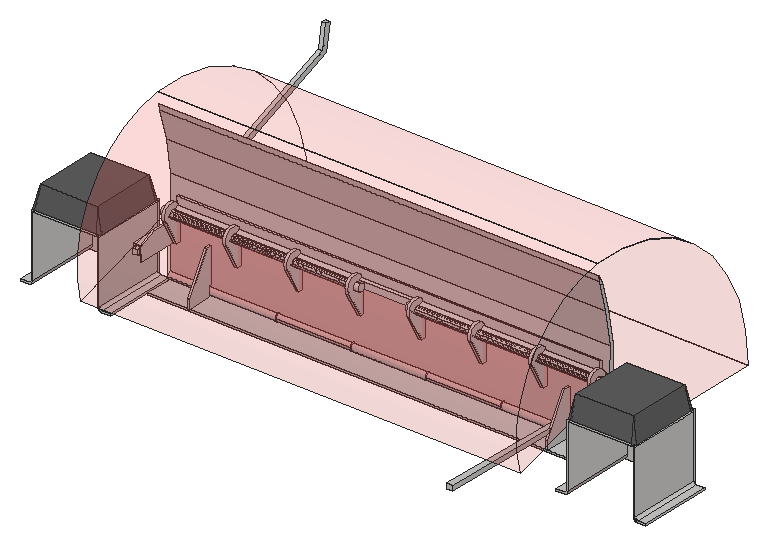
Revit family "Loading-Equipment_Dock-levellers_Overhead-Door_Edge-dock-leveler", category Specialty Equipment, host Face, Revit 2026
Family settings
  Host = Face
  Round Connector Dimension = Use Diameter
  Part Type = Normal
  Classification Number = 23.50.70.14.14
  Enable Cutting in Views = No
  Cut with Voids When Loaded = No
  Maintain Annotation Orientation = No
  Shared = No
  Room Calculation Point = No
Parameters (values of type "E78R")
  Width = 6' - 6"
  URL = "https://www.overheaddoor.com/"
  Top Plate Material = Metal - Overhead Door - Steel Checker Plate
  Shaft Angle Real [instance] = if(Shaft Angle < 0.00°, 0.00°, if(Shaft Angle > 90.00°, 90.00°, Shaft Angle))  # 0.00°
  Shaft Angle [instance] = 0.00°
  Product data url = "https://www.bimobject.com/en/overhead-door/product/edge-of-dock-leveler"
  Product Page URL = "https://www.overheaddoor.com/edge-of-dock-leveler"
  Product Guid = ""
  Pole Visibility [instance] = yes
  Mount Type [instance] = if(Mount < 2, "Embed", if(Mount = 2, "Formed angle", if(Mount = 3, "Face", "Transition plate")))  # "Face"
  Mount [instance] = 3  # constant formula
  Model = "Edge Dock E78R"
  Manufacturer = "Overhead Door Corporation"  # constant formula
  Main Material = Metal - Overhead Door - Steel
  Lip Type [instance] = if(Lip < 2, "15in (box projection 16in)", "17in (box projection 18in)")  # "15in (box projection 16in)"
  Lip Angle [instance] = 0.00°
  Lip [instance] = 1
  Description = "The Overhead Door™­ Edge of Dock Leveler provides smooth, safe path for loading docks and trailers."  # constant formula
  Default Elevation = 4' - 0"
  Clearance [instance] = yes
  Capacity Type [instance] = if(Capacity < 2, "20k", if(Capacity = 2, "25k", "30k"))  # "20k"
  Capacity [instance] = 1
  C-chanel vis [instance] = if(Mount < 2, 1 < 2, 1 > 2)  # no
Types (4): name | Width | Model
  (no name) | 6' - 6" | "Edge Dock E78R"
  E66R | 5' - 6" | "Edge Dock E66R"
  E72R | 6' - 0" | "Edge Dock E72R"
  E78R | 6' - 6" | "Edge Dock E78R"
Reference planes (in)
  plane 1 "Center (Front/Back)": y = 0
  plane 2: z = 0
  plane 3 "Center (Left/Right)": x = 0
  plane 4: x = -39
  plane 5: x = 39
  plane 6: x = -47.50001
  plane 7: x = 47.5
  plane 8: x = 55.50001
  plane 9: x = -55.5
  plane 10: x = -32
  plane 11: x = 32
  plane 12: x = -33.25
  plane 13: x = -19.95
  plane 14: x = -6.65
  plane 15: x = 6.65
  plane 16: x = 19.95
  plane 17: x = 33.25
  plane 18: z = 0.9375
  plane 19: y = -0.375
Forms (in)
  Extrusion 1, solid, material "Metal - Overhead Door - Steel" <- "Main Material", visible <- "C-chanel vis"
    sketch origin (0, 0, 0) x (0, 1, 0) y (0, 0, 1)
      loop
        line (0, 0) -> (-8.01385, 0) -> (-8.01385, -1.5)
        arc (-8.01385, -1.5) -> (-7.90361, -1.48024) -> (-7.84326, -1.38589) r 0.13978
        line (-7.84326, -1.38589) -> (-7.68903, -0.41067)
        arc (-7.68903, -0.41067) -> (-7.62464, -0.29564) -> (-7.50095, -0.25) r 0.19042
        line (-7.50095, -0.25) -> (-0.5129, -0.25)
        arc (-0.5129, -0.25) -> (-0.38922, -0.29564) -> (-0.32482, -0.41067) r 0.19042
        line (-0.32482, -0.41067) -> (-0.17059, -1.38589)
        arc (-0.17059, -1.38589) -> (-0.11024, -1.48024) -> (0, -1.5) r 0.13978
        line (0, -1.5) -> (0, 0)
    from -55.5 to 55.50001
  Extrusion 2, solid, material "Metal - Overhead Door - Steel" <- "Main Material"
    sketch origin (0, 0, 0) x (0, 1, 0) y (0, 0, 1)
      loop
        line (-0.25, 0.3125) -> (-5.5, 0.3125) -> (-5.5, 0) -> (-0.25, 0) -> (-0.25, 0.3125)
    from -39 to 39
  Extrusion 3, solid, material "Metal - Overhead Door - Steel" <- "Main Material"
    sketch origin (0, 0, 0) x (0, 1, 0) y (0, 0, 1)
      loop
        line (-0.75, 8.3125) -> (-1.75, 8.3125) -> (-5.5, 1.8125) -> (-5.5, 0.3125) -> (-1.125, 0.3125) -> (-1.125, 1.93734) -> (-1, 2.15401) -> (-0.75, 2.1875) -> (-0.75, 8.3125)
    from -32 to -31.625
  Extrusion 4, solid, material "Metal - Overhead Door - Steel" <- "Main Material"
    sketch origin (0, 0, 0) x (0, 1, 0) y (0, 0, -1)
      loop
        line (-0.75, -8.3125) -> (-0.75, -2.1875) -> (-1, -2.15401) -> (-1.125, -1.93734) -> (-1.125, -0.3125) -> (-5.5, -0.3125) -> (-5.5, -1.8125) -> (-1.75, -8.3125) -> (-0.75, -8.3125)
    from -32 to -31.625
  Extrusion 5, solid, material "Metal - Overhead Door - Steel" <- "Main Material"
    sketch origin (0, 0, 0) x (0, 1, 0) y (0, 0, 1)
      loop
        line (-26.23941, 3.63613) -> (-26.2541, 2.76126) -> (-2.17659, 2.35103) -> (-2.17659, 3.22729) -> (-26.23941, 3.63613)
    from 30.625 to 31.625
  Extrusion 6, solid, material "Metal - Overhead Door - Steel" <- "Main Material"
    sketch origin (0, 0, 0) x (0, 1, 0) y (0, 0, 1)
      loop
        circle (-0.375, 0.9375) r 0.62941
    from -39 to 39
  Extrusion 7, void
    sketch origin (0, 0, 0) x (1, 0, 0) y (0, 0, 1)
      loop
        line (-33.25, 0) -> (-19.95, 0) -> (-19.95, 2.84462) -> (-33.25, 2.84462) -> (-33.25, 0)
      loop
        line (-6.65, 0) -> (6.65, 0) -> (6.65, 2.84462) -> (-6.65, 2.84462) -> (-6.65, 0)
      loop
        line (19.95, 0) -> (33.25, 0) -> (33.25, 2.84462) -> (19.95, 2.84462) -> (19.95, 0)
    from -4.87956 to 8.01385
  Extrusion 8, solid, material "Clearance - Overhead Door - Red", visible <- "Clearance"
    sketch origin (0, 0, 0) x (0, 1, 0) y (0, 0, 1)
      loop
        line (-0.99096, 0.55272) -> (30.12015, 0.55272)
        arc (30.12015, 0.55272) -> (20.27848, 23.37712) -> (-3.28207, 31.29621) r 30.49758
        arc (-3.28207, 31.29621) -> (-17.86791, 22.358) -> (-20.39644, 5.43923) r 20.23892
        line (-20.39644, 5.43923) -> (-0.99096, 11.18739) -> (-0.99096, 0.55272)
    from -39 to 39
Cuts and joins
  Extrusion 7 cuts Extrusion 6
Lines and regions (in)
  Masking region 1, visible <- "C-chanel vis"
    outline origin (0, 0, 0) x (1, 0, 0) y (0, 0, 1)
      loop
        line (-55.5, 0) -> (-55.5, -1.5) -> (55.50001, -1.5) -> (55.50001, 0) -> (-55.5, 0)
  Masking region 2
    outline origin (0, 0, 0) x (1, 0, 0) y (0, 0, 1)
      loop
        line (39, 0.3125) -> (-39, 0.3125) -> (-39, 0) -> (39, 0) -> (39, 0.3125)
  Masking region 3
    outline origin (0, 0, 0) x (1, 0, 0) y (0, 0, 1)
      loop
        line (33.25, 1.4437) -> (33.25, 0.3125) -> (39, 0.3125) -> (39, 1.4437) -> (33.25, 1.4437)
      loop
        line (6.65, 1.4437) -> (6.65, 0.30809) -> (19.95, 0.30809) -> (19.95, 1.4437) -> (6.65, 1.4437)
      loop
        line (-19.95, 1.4437) -> (-19.95, 0.30809) -> (-6.65, 0.30809) -> (-6.65, 1.4437) -> (-19.95, 1.4437)
      loop
        line (-39, 1.4437) -> (-39, 0.30809) -> (-33.25, 0.30809) -> (-33.25, 1.4437) -> (-39, 1.4437)
  reference lines
    curve 1: line (0, -0.375, 0.9375) -> (0, -0.375, 18.9375)
Dimensions and locks (in)
  equal spacing: plane 4, plane 3 "Center (Left/Right)", plane 5
  "Width": plane 4 to plane 5
  plane 9 to plane 6 to plane 4 = 0' - 8" locked, 0' - 8 1/2" locked
  plane 5 to plane 7 to plane 8 = 0' - 8 1/2" locked, 0' - 8"
  locked: plane 4 to plane 10 at 7
  locked: plane 10 to Extrusion 3 at 0.375
  locked: plane 11 to Extrusion 4 at 0.375
  locked: plane 11 to plane 5 at 7
  locked: Extrusion 5 to plane 11 at 1.375
  locked: plane 17 to plane 5 at 5.75
  locked: plane 4 to plane 12 at 5.75
  equal spacing: plane 12, plane 13, plane 14, plane 15, plane 16, plane 17
  locked: plane 1 "Center (Front/Back)" to plane 19 at 0.375
  locked: plane 18 to level at 0.9375
  "Shaft Angle Real": angle plane 19 to curve 1
  aligned and locked: host face to plane 2
  aligned and locked: host face to level
  aligned and locked: plane 8 to Extrusion 1
  aligned and locked: plane 9 to Extrusion 1
  aligned and locked: Extrusion 2 to plane 4
  aligned and locked: plane 5 to Extrusion 2
  aligned and locked: Extrusion 5 to Extrusion 4
  aligned and locked: plane 10 to Extrusion 3
  aligned and locked: plane 11 to Extrusion 4
  aligned and locked: Extrusion 6 to plane 4
  aligned and locked: plane 5 to Extrusion 6
  aligned and locked: plane 12 to Extrusion 7 sketch curve
  aligned and locked: Extrusion 7 sketch curve to plane 13
  aligned and locked: plane 14 to Extrusion 7 sketch curve
  aligned and locked: Extrusion 7 sketch curve to plane 15
  aligned and locked: plane 16 to Extrusion 7 sketch curve
  aligned and locked: Extrusion 7 sketch curve to plane 17
  aligned and locked: plane 18 to curve 1
  aligned and locked: plane 19 to curve 1
  aligned and locked: nested 1 to curve 1
  aligned and locked: nested 2 to plane 6
  aligned and locked: nested 3 to plane 7
  aligned and locked: Extrusion 8 to plane 4
  aligned and locked: plane 5 to Extrusion 8
  aligned and locked: Masking region 1 sketch curve to Extrusion 1  (x4)
  aligned and locked: Masking region 2 sketch curve to Extrusion 2  (x2)
  aligned and locked: Extrusion 2 to Masking region 2 sketch curve
  aligned and locked: plane 5 to Masking region 2 sketch curve
  aligned and locked: nested 1 to Masking region 3 sketch curve  (x3)
  aligned and locked: Masking region 3 sketch curve to nested 1  (x3)
  aligned and locked: Masking region 3 sketch curve to Extrusion 2  (x2)
  aligned and locked: Masking region 3 sketch curve to plane 15
  aligned and locked: cut or joined group of Extrusion 6, Extrusion 7 to Masking region 3 sketch curve  (x3)
  aligned and locked: Masking region 3 sketch curve to plane 13
  aligned and locked: Masking region 3 sketch curve to Masking region 3 sketch curve
Automatic sketch dimensions
  host sketch curve to host sketch curve = 15' - 7.1098"
  host sketch curve to host sketch curve = 8' - 0"
  Extrusion 1 sketch curve to level = 0' - 0"
  Extrusion 1 sketch curve to plane 1 "Center (Front/Back)" = 0' - 0"
  plane 1 "Center (Front/Back)" to Extrusion 1 sketch curve = 0' - 0.03253"
  Extrusion 1 sketch curve to Extrusion 1 sketch curve = 0' - 0.13806"  (x2)
  plane 1 "Center (Front/Back)" to Extrusion 1 sketch curve = 0' - 0.32482"
  Extrusion 1 sketch curve to Extrusion 1 sketch curve = 0' - 0.18808"  (x2)
  Extrusion 1 sketch curve to level = 0' - 0.44042"
  Extrusion 1 sketch curve to Extrusion 1 sketch curve = 0' - 6.98806"
  Extrusion 1 sketch curve to level = 0' - 0.41067"
  Extrusion 1 sketch curve to level = 0' - 1.38589"
  Extrusion 1 sketch curve to Extrusion 1 sketch curve = 0' - 0.15423"
  Extrusion 1 sketch curve to Extrusion 1 sketch curve = 0' - 0.32482"
  Extrusion 1 sketch curve to Extrusion 1 sketch curve = 0' - 1.13589"
  Extrusion 1 sketch curve to Extrusion 1 sketch curve = 0' - 0.11411"  (x2)
  Extrusion 1 sketch curve to Extrusion 1 sketch curve = 0' - 0.19042"
  Extrusion 2 sketch curve to level = 0' - 0"
  level to Extrusion 2 sketch curve = 0' - 0 5/16"
  plane 1 "Center (Front/Back)" to Extrusion 2 sketch curve = 0' - 5 1/2"
  plane 1 "Center (Front/Back)" to Extrusion 2 sketch curve = 0' - 0 1/4"
  level to Extrusion 3 sketch curve = 0' - 0 5/16"
  plane 1 "Center (Front/Back)" to Extrusion 3 sketch curve = 0' - 5 1/2"
  plane 1 "Center (Front/Back)" to Extrusion 3 sketch curve = 0' - 1 3/4"
  plane 1 "Center (Front/Back)" to Extrusion 3 sketch curve = 0' - 1 1/8"
  Extrusion 3 sketch curve to Extrusion 3 sketch curve = 0' - 0 1/8"
  Extrusion 3 sketch curve to Extrusion 3 sketch curve = 0' - 0 1/4"
  Extrusion 3 sketch curve to Extrusion 3 sketch curve = 0' - 1 1/2"
  Extrusion 3 sketch curve to Extrusion 3 sketch curve = 0' - 1.62484"
  Extrusion 3 sketch curve to Extrusion 3 sketch curve = 0' - 0.21667"
  Extrusion 3 sketch curve to Extrusion 3 sketch curve = 0' - 0.03349"
  Extrusion 3 sketch curve to Extrusion 3 sketch curve = 0' - 6.15849"
  level to Extrusion 4 sketch curve = 0' - 0 5/16"
  plane 1 "Center (Front/Back)" to Extrusion 4 sketch curve = 0' - 5 1/2"
  plane 1 "Center (Front/Back)" to Extrusion 4 sketch curve = 0' - 1 3/4"
  plane 1 "Center (Front/Back)" to Extrusion 4 sketch curve = 0' - 1 1/8"
  Extrusion 4 sketch curve to Extrusion 4 sketch curve = 0' - 0 1/8"
  Extrusion 4 sketch curve to Extrusion 4 sketch curve = 0' - 0 1/4"
  Extrusion 4 sketch curve to Extrusion 4 sketch curve = 0' - 1 1/2"
  Extrusion 4 sketch curve to Extrusion 4 sketch curve = 0' - 1.62484"
  Extrusion 4 sketch curve to Extrusion 4 sketch curve = 0' - 0.21667"
  Extrusion 4 sketch curve to Extrusion 4 sketch curve = 0' - 0.03349"
  Extrusion 4 sketch curve to Extrusion 4 sketch curve = 0' - 6 1/8"
  level to Extrusion 5 sketch curve = 0' - 2.76126"
  plane 1 "Center (Front/Back)" to Extrusion 5 sketch curve = 2' - 2.2541"
  level to Extrusion 5 sketch curve = 0' - 3.63613"
  Extrusion 5 sketch curve to Extrusion 5 sketch curve = 0' - 0.01469"
  plane 1 "Center (Front/Back)" to Extrusion 5 sketch curve = 0' - 2.17659"
  level to Extrusion 5 sketch curve = 0' - 2.35103"
  Extrusion 5 sketch curve to Extrusion 5 sketch curve = 0' - 0.87627"
  plane 1 "Center (Front/Back)" to Extrusion 6 sketch curve = 0' - 0 3/8"
  level to Extrusion 6 sketch curve = 0' - 0 15/16"
  Extrusion 7 sketch curve to level = 0' - 0"  (x3)
  level to Extrusion 7 sketch curve = 0' - 2.84462"  (x2)
  Extrusion 7 sketch curve to Extrusion 7 sketch curve = 0' - 2.84462"
  Extrusion 8 sketch curve to plane 18 = 0' - 0"
  Extrusion 8 sketch curve to plane 19 = 0' - 0"
  plane 19 to Extrusion 8 sketch curve = 0' - 0.61596"
  Extrusion 8 sketch curve to Extrusion 8 sketch curve = 0' - 0"  (x2)
  plane 18 to Extrusion 8 sketch curve = 0' - 4.50173"
  plane 19 to Extrusion 8 sketch curve = 1' - 8.02144"
  plane 18 to Extrusion 8 sketch curve = 0' - 10.24989"
  plane 19 to Extrusion 8 sketch curve = 0' - 2.90707"
  Extrusion 8 sketch curve to plane 18 = 0' - 0.38478"
  level to Masking region 3 sketch curve = 0' - 0 5/16"
  level to Masking region 3 sketch curve = 0' - 0.30809"  (x2)
  radius of Extrusion 6 sketch curve = 0' - 0.62941"
Nested families (in)
  nested 1: "Shaft" at (0, -0.375, 0.9375) x (1, 0, 0) z (0, 1, 0), type "Shaft"
    with Real Lip Angle 0.00°, Lip Length 6' - 6", Lip Angle 0.00°
  nested 2: "Bumper Box" at (-47.50001, 0, 0) x (-1, 0, 0) z (0, 1, 0), type "Bumper Box"
  nested 3: "Bumper Box" at (47.5, 0, 0) x (-1, 0, 0) z (0, 1, 0), type "Bumper Box"
Definition of nested family "Shaft"
  Parameters (values of type "Shaft")
    Real Lip Angle = if(Lip Angle < 0.00°, 0.00°, if(Lip Angle > 100.00°, 100.00°, Lip Angle))  # 100.00°
    Pole Vis = yes
    Plate Material = none
    Lip Length = 5' - 6"
    Lip Angle = 100.00°
    Lip = 1
    Hinges Material = none
    Default Elevation = 4' - 0"
    17in = if(Lip < 2, 1 > 2, 1 < 2)  # no
  Reference planes (in)
    plane 1 "Center (Front/Back)": y = 0
    plane 2: z = 0
    plane 3 "Center (Left/Right)": x = 0
    plane 4: x = -33
    plane 5: x = 33
    plane 6: x = -27.25
    plane 7: x = 27.25
    plane 8: x = -16.35
    plane 9: x = -5.45
    plane 10: x = 5.45
    plane 11: x = 16.35
    plane 12: x = -32
    plane 13: x = 32
    plane 14: x = -22.85714
    plane 15: x = -13.71429
    plane 16: x = -4.57143
    plane 17: x = 4.57143
    plane 18: x = 13.71429
    plane 19: x = 22.85714
    plane 20: x = -3.07143
    plane 21: x = 3.57143
    plane 22: y = -11.01221
    plane 23: z = -1.6676
  Forms (in)
    Extrusion 1, void
      sketch origin (0, 0, 0) x (1, 0, 0) y (0, 1, 0)
        loop
          line (-33, 1.24372) -> (-33, -4.22798) -> (-27.25, -4.22798) -> (-27.25, 1.24372) -> (-33, 1.24372)
        loop
          line (-16.35, 1.24372) -> (-16.35, -3.7449) -> (-5.45, -3.7449) -> (-5.45, 1.24372) -> (-16.35, 1.24372)
        loop
          line (5.45, 1.24372) -> (5.45, -3.5889) -> (16.35, -3.5889) -> (16.35, 1.24372) -> (5.45, 1.24372)
        loop
          line (27.25, 1.24372) -> (27.25, -3.54878) -> (33, -3.54878) -> (33, 1.24372) -> (27.25, 1.24372)
      from -2.80431 to 2.84425
    Extrusion 2, solid, material <- "Hinges Material"
      sketch origin (0, 0, 0) x (0, 1, 0) y (0, 0, 1)
        loop
          circle (0, 0) r 0.6327
      from -33 to 33
    Extrusion 3, solid, material <- "Hinges Material"
      sketch origin (0, -0.76232, -1.05164) x (0, 1, 0) y (0, 0, 1)
        loop
          circle (-10.24989, -0.61596) r 0.63063
      from -33 to -3.07143
    Extrusion 4, solid, material <- "Plate Material"
      sketch origin (0, 0, 0) x (0, 1, 0) y (0, 0, 1)
        loop
          line (-0.5062, 0.38478) -> (-11.62469, 0.38478) -> (-11.62471, 0.00449) -> (-0.5062, 0.00449) -> (-0.5062, 0.38478)
      from -33 to 33
    Extrusion 5, solid, material <- "Hinges Material"
      sketch origin (0, 0, 0) x (0, 1, 0) y (0, 0, 1)
        loop
          line (-5.12488, 0.00848) -> (-8.87478, 0.00848) -> (-8.87503, -3.99028) -> (-7.47633, -6.9903) -> (-5.1253, -6.78476) -> (-5.12488, 0.00848)
      from -33 to -32.74901
    Extrusion 6, solid, material <- "Hinges Material"
      sketch origin (0, 0, 0) x (1, 0, 0) y (0, 1, 0)
        loop
          line (-33, -5.9198) -> (-34.25, -5.9198) -> (-34.25, -7.61259) -> (-33, -7.61259) -> (-33, -7.36259) -> (-34, -7.36259) -> (-34, -6.1698) -> (-33, -6.1698) -> (-33, -5.9198)
      from -6.64965 to 0
    Extrusion 7, solid, material <- "Hinges Material", visible <- "Pole Vis"
      sketch origin (0, 0, 0) x (0, 1, 0) y (0, 0, 1)
        loop
          line (-6.46213, 0.56914) -> (-19.99189, 34.73796) -> (-24.55226, 35.55474) -> (-24.70576, 34.68147) -> (-20.68064, 33.96055) -> (-7.3857, 0.38478) -> (-7.07884, -7.11747) -> (-6.14773, -7.11747) -> (-6.46213, 0.56914)
      from -34.03 to -33.28001
    Extrusion 8, solid, material <- "Hinges Material"
      sketch origin (0, 0, 0.32812) x (0, 1, 0) y (0, 0, 1)
        loop
          arc (-11.01221, -0.32791) -> (-12.62515, -2.42002) -> (-10.19154, -3.44766) r 1.66781
          line (-10.19154, -3.44766) -> (-5.76221, -0.94408) -> (-5.76221, -0.32791) -> (-11.01221, -0.32791)
      from -32 to -31.5
    Extrusion 9, solid, material <- "Hinges Material"
      sketch origin (9.14286, 0.00601, 0.32812) x (0, 1, 0) y (0, 0, 1)
        loop
          arc (-11.01221, -0.32791) -> (-12.62515, -2.42002) -> (-10.19154, -3.44766) r 1.66781
          line (-10.19154, -3.44766) -> (-5.76221, -0.94408) -> (-5.76221, -0.32791) -> (-11.01221, -0.32791)
      from -32 to -31.5
    Extrusion 10, solid, material <- "Hinges Material"
      sketch origin (18.28571, 0.00601, 0.32812) x (0, 1, 0) y (0, 0, 1)
        loop
          arc (-11.01221, -0.32791) -> (-12.62515, -2.42002) -> (-10.19154, -3.44766) r 1.66781
          line (-10.19154, -3.44766) -> (-5.76221, -0.94408) -> (-5.76221, -0.32791) -> (-11.01221, -0.32791)
      from -32 to -31.5
    Extrusion 11, solid, material <- "Hinges Material"
      sketch origin (27.42857, 0.00601, 0.32812) x (0, 1, 0) y (0, 0, 1)
        loop
          arc (-11.01221, -0.32791) -> (-12.62515, -2.42002) -> (-10.19154, -3.44766) r 1.66781
          line (-10.19154, -3.44766) -> (-5.76221, -0.94408) -> (-5.76221, -0.32791) -> (-11.01221, -0.32791)
      from -32 to -31.5
    Extrusion 12, solid, material <- "Hinges Material"
      sketch origin (36.57143, 0.00601, 0.32812) x (0, 1, 0) y (0, 0, 1)
        loop
          arc (-11.01221, -0.32791) -> (-12.62515, -2.42002) -> (-10.19154, -3.44766) r 1.66781
          line (-10.19154, -3.44766) -> (-5.76221, -0.94408) -> (-5.76221, -0.32791) -> (-11.01221, -0.32791)
      from -32 to -31.5
    Extrusion 13, solid, material <- "Hinges Material"
      sketch origin (45.71429, 0.00601, 0.32812) x (0, 1, 0) y (0, 0, 1)
        loop
          arc (-11.01221, -0.32791) -> (-12.62515, -2.42002) -> (-10.19154, -3.44766) r 1.66781
          line (-10.19154, -3.44766) -> (-5.76221, -0.94408) -> (-5.76221, -0.32791) -> (-11.01221, -0.32791)
      from -32 to -31.5
    Extrusion 14, solid, material <- "Hinges Material"
      sketch origin (54.85714, 0.00601, 0.32812) x (0, 1, 0) y (0, 0, 1)
        loop
          arc (-11.01221, -0.32791) -> (-12.62515, -2.42002) -> (-10.19154, -3.44766) r 1.66781
          line (-10.19154, -3.44766) -> (-5.76221, -0.94408) -> (-5.76221, -0.32791) -> (-11.01221, -0.32791)
      from -32 to -31.5
    Extrusion 15, solid, material <- "Hinges Material"
      sketch origin (63.5, 0.00601, 0.32812) x (0, 1, 0) y (0, 0, 1)
        loop
          arc (-11.01221, -0.32791) -> (-12.62515, -2.42002) -> (-10.19154, -3.44766) r 1.66781
          line (-10.19154, -3.44766) -> (-5.76221, -0.94408) -> (-5.76221, -0.32791) -> (-11.01221, -0.32791)
      from -32 to -31.5
    Extrusion 16, solid, material <- "Hinges Material"
      sketch origin (35.82143, -0.76232, -1.05164) x (0, 1, 0) y (0, 0, 1)
        loop
          circle (-10.24989, -0.61596) r 0.63063
      from -32.25 to -2.82143
  Cuts and joins
    Extrusion 1 cuts Extrusion 2
    Extrusion 1 cuts Extrusion 3
  Lines and regions (in)
    Masking region 1
      outline origin (0, 0, 0) x (1, 0, 0) y (0, 1, 0)
        loop
          line (-33, -0.5062) -> (-33, -11.62471) -> (33, -11.62471) -> (33, -0.5062) -> (27.25, -0.5062) -> (27.25, 0.6327) -> (16.35, 0.6327) -> (16.35, -0.5062) -> (5.45, -0.5062) -> (5.45, 0.6327) -> (-5.45, 0.6327) -> (-5.45, -0.5062) -> (-16.35, -0.5062) -> (-16.35, 0.6327) -> (-27.25, 0.6327) -> (-27.25, -0.5062) -> (-33, -0.5062)
    Masking region 2
      outline origin (0, 0, 0) x (1, 0, 0) y (0, 1, 0)
        loop
          line (-33, -5.9198) -> (-34.25, -5.9198) -> (-34.25, -7.61259) -> (-33, -7.61259) -> (-33, -7.36259) -> (-34, -7.36259) -> (-34, -6.1698) -> (-33, -6.1698) -> (-33, -5.9198)
    symbolic lines
      curve 1: line (-27.25, -0.5062, 0) -> (27.25, -0.5062, 0)
    reference lines
      curve 2: line (0, -11.01221, -1.6676) -> (0, -7.14854, -23.57957)
  Dimensions and locks (in)
    equal spacing: plane 4, plane 3 "Center (Left/Right)", plane 5
    "Lip Length": plane 4 to plane 5
    locked: plane 4 to plane 6 at 5.75
    locked: plane 7 to plane 5 at 5.75
    equal spacing: plane 6, plane 8, plane 9, plane 10, plane 11, plane 7
    locked: plane 4 to Extrusion 5 at 0.25099
    locked: Extrusion 6 sketch curve to plane 4 at 1.25
    locked: Extrusion 6 sketch curve to Extrusion 6 sketch curve at 0.25
    plane 4 to Extrusion 7 to Extrusion 7 = 0' - 0.28001" locked, 0' - 0 3/4" locked
    locked: plane 4 to plane 12 at 1
    locked: plane 13 to plane 5 at 1
    equal spacing: plane 12, plane 14, plane 15, plane 16, plane 17, plane 18, plane 19, plane 13
    locked: plane 12 to Extrusion 8 at 0.5
    locked: Extrusion 15 to plane 13 at 0.5
    locked: plane 19 to Extrusion 14 at 0.5
    locked: plane 18 to Extrusion 13 at 0.5
    locked: plane 17 to Extrusion 12 at 0.5
    locked: plane 16 to Extrusion 11 at 0.5
    locked: plane 15 to Extrusion 10 at 0.5
    locked: plane 14 to Extrusion 9 at 0.5
    locked: plane 16 to plane 20 at 1.5
    locked: plane 21 to plane 17 at 1
    "Real Lip Angle": angle curve 2 to plane 23
    aligned and locked: plane 2 to level
    aligned and locked: Extrusion 4 to plane 4
    aligned and locked: plane 5 to Extrusion 4
    aligned and locked: Extrusion 3 to plane 4
    aligned and locked: plane 5 to Extrusion 2
    aligned and locked: Extrusion 2 to plane 4
    aligned and locked: plane 4 to Extrusion 1 sketch curve
    aligned and locked: Extrusion 1 sketch curve to plane 6
    aligned and locked: plane 8 to Extrusion 1 sketch curve
    aligned and locked: Extrusion 1 sketch curve to plane 9
    aligned and locked: Extrusion 1 sketch curve to plane 5
    aligned and locked: plane 7 to Extrusion 1 sketch curve
    aligned and locked: Masking region 1 sketch curve to Extrusion 4  (x3)
    aligned and locked: cut or joined group of Extrusion 1, Extrusion 2 to Masking region 1 sketch curve  (x3)
    aligned and locked: Masking region 1 sketch curve to cut or joined group of Extrusion 1, Extrusion 2  (x3)
    aligned and locked: Extrusion 5 to plane 4
    aligned and locked: Extrusion 6 sketch curve to plane 4  (x2)
    aligned and locked: level to Extrusion 6
    aligned and locked: Masking region 2 sketch curve to Extrusion 6  (x8)
    aligned and locked: nested 1 to curve 2
    aligned and locked: Extrusion 8 to plane 12
    aligned and locked: Extrusion 9 to plane 14
    aligned and locked: Extrusion 10 to plane 15
    aligned and locked: Extrusion 11 to plane 16
    aligned and locked: Extrusion 12 to plane 17
    aligned and locked: Extrusion 13 to plane 18
    aligned and locked: Extrusion 14 to plane 19
    aligned and locked: plane 13 to Extrusion 15
    aligned and locked: Extrusion 3 to plane 20
    aligned and locked: plane 21 to Extrusion 16
    aligned and locked: plane 5 to Extrusion 16
    aligned and locked: plane 22 to curve 2
    aligned and locked: plane 23 to curve 2
  Automatic sketch dimensions
    Extrusion 2 sketch curve to level = 0' - 0"
    Extrusion 2 sketch curve to plane 1 "Center (Front/Back)" = 0' - 0"
    Extrusion 1 sketch curve to plane 10 = 0' - 0"
    Extrusion 1 sketch curve to plane 11 = 0' - 0"
    plane 1 "Center (Front/Back)" to Extrusion 1 sketch curve = 0' - 3.54878"
    plane 1 "Center (Front/Back)" to Extrusion 1 sketch curve = 0' - 4.22798"
    plane 1 "Center (Front/Back)" to Extrusion 1 sketch curve = 0' - 3.5889"
    plane 1 "Center (Front/Back)" to Extrusion 1 sketch curve = 0' - 3.7449"
    Extrusion 1 sketch curve to plane 1 "Center (Front/Back)" = 0' - 1.24372"  (x4)
    level to Extrusion 4 sketch curve = 0' - 0.00449"
    Extrusion 4 sketch curve to Extrusion 4 sketch curve = 0' - 0.00002"
    plane 1 "Center (Front/Back)" to Extrusion 4 sketch curve = 0' - 0.5062"
    level to Extrusion 4 sketch curve = 0' - 0.38478"
    Masking region 1 sketch curve to plane 1 "Center (Front/Back)" = 0' - 0.6327"  (x3)
    plane 1 "Center (Front/Back)" to Masking region 1 sketch curve = 0' - 0.5062"  (x3)
    curve 1 to plane 6 = 0' - 0"
    curve 1 to plane 7 = 0' - 0"
    plane 1 "Center (Front/Back)" to curve 1 = 0' - 0.5062"
    Extrusion 5 sketch curve to Extrusion 5 sketch curve = 0' - 2.35103"
    Extrusion 5 sketch curve to Extrusion 5 sketch curve = 0' - 0.20554"
    Extrusion 5 sketch curve to Extrusion 5 sketch curve = 0' - 3"
    level to Extrusion 5 sketch curve = 0' - 0.00848"
    Extrusion 5 sketch curve to Extrusion 5 sketch curve = 0' - 3.74991"
    Extrusion 6 sketch curve to Extrusion 6 sketch curve = 0' - 0 1/4"  (x2)
    Extrusion 6 sketch curve to Extrusion 6 sketch curve = 0' - 1.19279"
    Extrusion 7 sketch curve to Extrusion 7 sketch curve = 0' - 0.1535"
    Extrusion 7 sketch curve to Extrusion 7 sketch curve = 0' - 4.56036"
    level to Extrusion 7 sketch curve = 0' - 0.38478"
    level to Extrusion 7 sketch curve = 0' - 0.56914"
    Extrusion 7 sketch curve to Extrusion 7 sketch curve = 0' - 0.92357"
    Extrusion 7 sketch curve to Extrusion 7 sketch curve = 0' - 0.93111"
    level to Extrusion 7 sketch curve = 2' - 10.68147"
    Extrusion 7 sketch curve to Extrusion 7 sketch curve = 0' - 0.05649"
    Extrusion 7 sketch curve to Extrusion 7 sketch curve = 0' - 0.87327"
    Extrusion 7 sketch curve to Extrusion 7 sketch curve = 0' - 0.68875"
    Extrusion 7 sketch curve to Extrusion 7 sketch curve = 0' - 0.77741"
    level to Extrusion 8 sketch curve = 0' - 0.00021"
    level to Extrusion 9 sketch curve = 0' - 0.00021"
    Extrusion 9 sketch curve to level = 0' - 1.6676"
    level to Extrusion 10 sketch curve = 0' - 0.00021"
    Extrusion 10 sketch curve to level = 0' - 1.6676"
    level to Extrusion 11 sketch curve = 0' - 0.00021"
    Extrusion 11 sketch curve to level = 0' - 1.6676"
    level to Extrusion 12 sketch curve = 0' - 0.00021"
    Extrusion 12 sketch curve to level = 0' - 1.6676"
    level to Extrusion 13 sketch curve = 0' - 0.00021"
    Extrusion 13 sketch curve to level = 0' - 1.6676"
    level to Extrusion 14 sketch curve = 0' - 0.00021"
    Extrusion 14 sketch curve to level = 0' - 1.6676"
    level to Extrusion 15 sketch curve = 0' - 0.00021"
    Extrusion 15 sketch curve to level = 0' - 1.6676"
    plane 1 "Center (Front/Back)" to Extrusion 3 sketch curve = 0' - 11.01221"
    Extrusion 4 sketch curve to Extrusion 4 sketch curve = 0' - 11.11849"
    Masking region 1 sketch curve to Masking region 1 sketch curve = 0' - 11.11851"
    plane 1 "Center (Front/Back)" to Extrusion 5 sketch curve = 0' - 8.87503"
    Extrusion 5 sketch curve to Extrusion 5 sketch curve = 0' - 0.00025"
    Extrusion 5 sketch curve to Extrusion 5 sketch curve = 0' - 1.3987"
    plane 1 "Center (Front/Back)" to Extrusion 6 sketch curve = 0' - 7.61259"
    plane 1 "Center (Front/Back)" to Extrusion 7 sketch curve = 2' - 0.70576"
    plane 1 "Center (Front/Back)" to Extrusion 7 sketch curve = 0' - 7.3857"
    plane 1 "Center (Front/Back)" to Extrusion 7 sketch curve = 0' - 7.07884"
    plane 1 "Center (Front/Back)" to Extrusion 8 sketch curve = 0' - 11.01221"
    Extrusion 8 sketch curve to Extrusion 8 sketch curve = 0' - 4.42933"
    plane 1 "Center (Front/Back)" to Extrusion 9 sketch curve = 0' - 11.0062"
    Extrusion 9 sketch curve to Extrusion 9 sketch curve = 0' - 4.42933"
    plane 1 "Center (Front/Back)" to Extrusion 10 sketch curve = 0' - 11.0062"
    Extrusion 10 sketch curve to Extrusion 10 sketch curve = 0' - 4.42933"
    plane 1 "Center (Front/Back)" to Extrusion 11 sketch curve = 0' - 11.0062"
    Extrusion 11 sketch curve to Extrusion 11 sketch curve = 0' - 4.42933"
    plane 1 "Center (Front/Back)" to Extrusion 12 sketch curve = 0' - 11.0062"
    Extrusion 12 sketch curve to Extrusion 12 sketch curve = 0' - 4.42933"
    plane 1 "Center (Front/Back)" to Extrusion 13 sketch curve = 0' - 11.0062"
    Extrusion 13 sketch curve to Extrusion 13 sketch curve = 0' - 4.42933"
    plane 1 "Center (Front/Back)" to Extrusion 14 sketch curve = 0' - 11.0062"
    Extrusion 14 sketch curve to Extrusion 14 sketch curve = 0' - 4.42933"
    plane 1 "Center (Front/Back)" to Extrusion 15 sketch curve = 0' - 11.0062"
    Extrusion 15 sketch curve to Extrusion 15 sketch curve = 0' - 4.42933"
    plane 1 "Center (Front/Back)" to Extrusion 16 sketch curve = 0' - 11.01221"
    Extrusion 3 sketch curve to level = 0' - 1.6676"
    Extrusion 5 sketch curve to level = 0' - 3.99028"
    Extrusion 7 sketch curve to level = 0' - 7.11747"
    Extrusion 8 sketch curve to level = 0' - 3.11953"
    Extrusion 8 sketch curve to Extrusion 8 sketch curve = 0' - 0.82067"
    Extrusion 8 sketch curve to level = 0' - 0.61596"
    Extrusion 9 sketch curve to level = 0' - 3.11953"
    Extrusion 9 sketch curve to level = 0' - 0.61596"
    Extrusion 10 sketch curve to level = 0' - 3.11953"
    Extrusion 10 sketch curve to level = 0' - 0.61596"
    Extrusion 11 sketch curve to level = 0' - 3.11953"
    Extrusion 11 sketch curve to level = 0' - 0.61596"
    Extrusion 12 sketch curve to level = 0' - 3.11953"
    Extrusion 12 sketch curve to level = 0' - 0.61596"
    Extrusion 13 sketch curve to level = 0' - 3.11953"
    Extrusion 13 sketch curve to level = 0' - 0.61596"
    Extrusion 14 sketch curve to level = 0' - 3.11953"
    Extrusion 14 sketch curve to level = 0' - 0.61596"
    Extrusion 15 sketch curve to level = 0' - 3.11953"
    Extrusion 15 sketch curve to level = 0' - 0.61596"
    Extrusion 16 sketch curve to level = 0' - 1.6676"
    radius of Extrusion 2 sketch curve = 0' - 0.6327"
    radius of Extrusion 3 sketch curve = 0' - 0.63063"
    radius of Extrusion 16 sketch curve = 0' - 0.63063"
  Nested families (in)
    nested 1: "Lip" at (0, -11.14496, -0.91473) x (1, 0, 0) z (0, -0.9848, -0.1736), type "Lip"
  Definition of nested family "Lip"
    Parameters (values of type "Lip")
      Lip Material = none
      Lip Length = 5' - 6"
      Lip Depth = 1' 6 61/256" + if([17in], 0' 2", 0' 0")  # 1' - 6 61/256"
      Hinges Material = none
      Default Elevation = 4' - 0"
      17in = no
    Reference planes (in)
      plane 1 "Center (Front/Back)": y = 0
      plane 2: z = 0
      plane 3 "Center (Left/Right)": x = 0
      plane 4: x = -33
      plane 5: x = 33
      plane 6: x = -4.5
      plane 7: x = 4.5
      plane 8: y = -18.23828
      plane 9: y = -5.80759
      plane 10: x = -31.5
      plane 11: x = 31.5
      plane 12: x = 22.5
      plane 13: x = 13.5
      plane 14: x = 4.5
      plane 15: x = -4.5
      plane 16: x = -13.5
      plane 17: x = -22.5
      plane 18: y = -0.76449
    Forms (in)
      Extrusion 1, solid, material <- "Lip Material"
        sketch origin (0, 0, 1.05337) x (0, 1, 0) y (0, 0, 1)
          loop
            line (-1.4249, 0.99989) -> (-5.95878, 0.99969) -> (-12.01483, -0.07798) -> (-17.00139, -1.41444) -> (-18.12204, -2.06154) -> (-17.12967, -1.83683) -> (-11.83144, -0.41685) -> (-5.89999, 0.62895) -> (-1.4255, 0.51067) -> (-1.4249, 0.99989)
        from -33 to 33
      Extrusion 2, solid, material <- "Hinges Material"
        sketch origin (0, 0.11719, 1.05337) x (0, 1, 0) y (0, 0, 1)
          loop
            circle (-0.88168, -1.05337) r 0.63273
        from -31.5 to 31.5
      Extrusion 3, solid, material <- "Hinges Material"
        sketch origin (0, 0, 1.05337) x (0, 1, 0) y (0, 0, 1)
          loop
            line (-1.42535, 0.62933) -> (-3.11244, 0.62426) -> (-3.11094, 0.12426) -> (-1.61095, 0.12877) -> (-1.28099, -0.6879)
            arc (-1.28099, -0.6879) -> (-0.97154, -0.45548) -> (-0.58463, -0.44675) r 0.63273
            line (-0.58463, -0.44675) -> (-1.42535, 0.62933)
        from -31.5 to 31.5
      Extrusion 4, void
        sketch origin (0, 0, 0) x (1, 0, 0) y (0, 1, 0)
          loop
            line (-4.5, 1.24372) -> (-4.5, -1.4255) -> (4.5, -1.4255) -> (4.5, 1.24372) -> (-4.5, 1.24372)
        from -2.06154 to 2.84425
    Cuts and joins
      Extrusion 4 cuts Extrusion 2
      Extrusion 4 cuts Extrusion 3
      joined: Extrusion 2, Extrusion 3
    Lines and regions (in)
      Masking region 1
        outline origin (0, 0, 0) x (1, 0, 0) y (0, 1, 0)
          loop
            line (-33, 0.63273) -> (-33, -18.12204) -> (33, -18.12204) -> (33, 0.63273) -> (25.25679, 0.63273) -> (2.92515, 0.63273) -> (-25.31208, 0.63273) -> (-33, 0.63273)
      symbolic lines
        curve 1: line (-33, -1.30275, 0) -> (33, -1.30275, 0)
        curve 2: line (-33, -5.79173, 0) -> (33, -5.79173, 0)
        curve 3: line (33, -11.80274, 0) -> (-33, -11.80274, 0)
        curve 4: line (-33, -17.05231, 0) -> (33, -17.05231, 0)
    Dimensions and locks (in)
      equal spacing: plane 4, plane 3 "Center (Left/Right)", plane 5
      "Lip Length": plane 4 to plane 5
      "Lip Depth": plane 1 "Center (Front/Back)" to plane 8
      locked: plane 9 to plane 8 at 12.43069
      Extrusion 1 sketch curve to Extrusion 1 sketch curve to plane 8 = 0' - 4.98656", 0' - 1.23689"
      locked: plane 4 to plane 10 at 1.5
      locked: plane 11 to plane 5 at 1.5
      equal spacing: plane 10, plane 17, plane 16, plane 15, plane 14, plane 13, plane 12, plane 11
      locked: Extrusion 1 sketch curve to plane 1 "Center (Front/Back)" (angle 90.0025°)
      aligned and locked: plane 2 to level
      aligned and locked: plane 5 to Extrusion 1
      aligned and locked: Extrusion 1 to plane 4
      aligned and locked: plane 6 to Extrusion 4 sketch curve
      aligned and locked: Extrusion 4 sketch curve to plane 7
      aligned and locked: Masking region 1 sketch curve to Extrusion 1  (x3)
      aligned and locked: Masking region 1 sketch curve to Masking region 1 sketch curve  (x2)
      aligned and locked: cut or joined group of Extrusion 2, Extrusion 3, Extrusion 4 to plane 10  (x2)
      aligned and locked: plane 11 to cut or joined group of Extrusion 2, Extrusion 3, Extrusion 4  (x2)
      aligned and locked: plane 6 to plane 15
      aligned and locked: plane 7 to plane 14
    Automatic sketch dimensions
      Extrusion 2 sketch curve to level = 0' - 0"
      plane 1 "Center (Front/Back)" to Extrusion 2 sketch curve = 0' - 0.76449"
      Masking region 1 sketch curve to plane 1 "Center (Front/Back)" = 0' - 0.63273"
      curve 4 to plane 4 = 0' - 0"
      curve 2 to plane 4 = 0' - 0"
      curve 3 to plane 4 = 0' - 0"
      curve 1 to plane 4 = 0' - 0"
      curve 3 to plane 5 = 0' - 0"
      curve 2 to plane 5 = 0' - 0"
      curve 4 to plane 5 = 0' - 0"
      curve 1 to plane 5 = 0' - 0"
      plane 1 "Center (Front/Back)" to curve 4 = 1' - 5.05231"
      curve 4 to curve 3 = 0' - 5.24958"
      plane 1 "Center (Front/Back)" to curve 2 = 0' - 5.79173"
      plane 1 "Center (Front/Back)" to curve 1 = 0' - 1.30275"
      Extrusion 1 sketch curve to Extrusion 1 sketch curve = 0' - 0.12828"
      plane 8 to Extrusion 1 sketch curve = 0' - 0.11624"
      level to Extrusion 1 sketch curve = 0' - 0.63651"
      Extrusion 1 sketch curve to Extrusion 1 sketch curve = 0' - 0.18339"
      plane 9 to Extrusion 1 sketch curve = 0' - 0.15118"
      plane 9 to Extrusion 1 sketch curve = 0' - 0.0924"
      level to Extrusion 1 sketch curve = 0' - 1.56404"
      plane 1 "Center (Front/Back)" to Extrusion 1 sketch curve = 0' - 1.4255"
      Extrusion 1 sketch curve to Extrusion 1 sketch curve = 0' - 0.0006"
      Extrusion 1 sketch curve to level = 0' - 0.36107"
      Extrusion 1 sketch curve to Extrusion 1 sketch curve = 0' - 0.42239"
      Extrusion 1 sketch curve to Extrusion 1 sketch curve = 0' - 0.22471"
      level to Extrusion 1 sketch curve = 0' - 0.97539"
      level to Extrusion 1 sketch curve = 0' - 1.68232"
      Extrusion 1 sketch curve to Extrusion 1 sketch curve = 0' - 0.37075"
      level to Extrusion 3 sketch curve = 0' - 1.18214"
      level to Extrusion 3 sketch curve = 0' - 1.17763"
      level to Extrusion 3 sketch curve = 0' - 1.67763"
      level to Extrusion 3 sketch curve = 0' - 1.6827"
      Extrusion 3 sketch curve to Extrusion 3 sketch curve = 0' - 0.18559"
      level to Extrusion 3 sketch curve = 0' - 0.36547"
      Extrusion 3 sketch curve to Extrusion 3 sketch curve = 0' - 0.32996"
      level to Extrusion 3 sketch curve = 0' - 0.60662"
      Extrusion 3 sketch curve to Extrusion 3 sketch curve = 0' - 0.5165"
      Extrusion 3 sketch curve to Extrusion 3 sketch curve = 0' - 0.36547"
      plane 1 "Center (Front/Back)" to Extrusion 3 sketch curve = 0' - 0.58463"
      plane 1 "Center (Front/Back)" to Extrusion 4 sketch curve = 0' - 1.4255"
      Extrusion 4 sketch curve to plane 1 "Center (Front/Back)" = 0' - 1.24372"
      Masking region 1 sketch curve to plane 7 = 0' - 1.57485"
      Masking region 1 sketch curve to plane 17 = 0' - 2.81208"
      plane 12 to Masking region 1 sketch curve = 0' - 2.75679"
      radius of Extrusion 2 sketch curve = 0' - 0.63273"
Definition of nested family "Bumper Box"
  Parameters (values of type "Bumper Box")
    Ruber Material = none
    Metal Material = none
    Top Plate Material = none
    Lip = 1
    Default Elevation = 0' - 0"
    Bumper Box Length = if(Lip < 2, 1' 4", 1' 6")  # 1' - 4"
  Reference planes (in)
    plane 1 "Center (Front/Back)": y = 0
    plane 2: z = 0
    plane 3 "Center (Left/Right)": x = 0
    plane 4: y = -10.24989
    plane 5: y = -16
    plane 6: y = -12.00009
  Forms (in)
    Extrusion 1, solid, material <- "Metal Material"
      sketch origin (0, 0, 0) x (1, 0, 0) y (0, 1, 0)
        loop
          line (-8.11731, -0.00036) -> (-8.11731, -0.25035) -> (-6.61745, -0.25037)
          arc (-6.61745, -0.25037) -> (-6.2639, -0.39681) -> (-6.11745, -0.75037) r 0.5
          line (-6.11745, -0.75037) -> (-6.11745, -11.75009)
          arc (-6.11745, -11.75009) -> (-6.04423, -11.92686) -> (-5.86745, -12.00009) r 0.25
          line (-5.86745, -12.00009) -> (5.63225, -12.00009)
          arc (5.63225, -12.00009) -> (5.80903, -11.92686) -> (5.88225, -11.75009) r 0.25
          line (5.88225, -11.75009) -> (5.88225, -0.7505)
          arc (5.88225, -0.7505) -> (6.0287, -0.39695) -> (6.38225, -0.2505) r 0.5
          line (6.38225, -0.2505) -> (7.8823, -0.2505) -> (7.8823, -0.00051) -> (6.38234, -0.0005)
          arc (6.38234, -0.0005) -> (5.85192, -0.22017) -> (5.63225, -0.7505) r 0.75
          line (5.63225, -0.7505) -> (5.63225, -11.75009) -> (-5.86745, -11.75009) -> (-5.86745, -0.75037)
          arc (-5.86745, -0.75037) -> (-6.08605, -0.22111) -> (-6.61441, -0.00037) r 0.75
          line (-6.61441, -0.00037) -> (-8.11731, -0.00036)
      from -0.31487 to -13.32122
    Extrusion 2, solid, material <- "Top Plate Material"
      sketch origin (0, 0, 0) x (0, 1, 0) y (0, 0, 1)
        loop
          line (-0.00051, -0.31487) -> (-0.00051, -0.0626) -> (-12.00009, -0.0626) -> (-12.00009, -0.31487) -> (-0.00051, -0.31487)
      from -6.11745 to 5.88229
    Blend 3, solid, material <- "Ruber Material"
      base sketch origin (0, 0, 0) x (1, 0, 0) y (0, 0, 1)
        loop
          line (5.38224, -0.31249) -> (-5.61747, -0.31249)
          arc (-5.61747, -0.31249) -> (-5.97102, -0.45894) -> (-6.11747, -0.81249) r 0.5
          line (-6.11747, -0.81249) -> (-6.11747, -12.81217)
          arc (-6.11747, -12.81217) -> (-5.97102, -13.16573) -> (-5.61747, -13.31217) r 0.5
          line (-5.61747, -13.31217) -> (5.31564, -13.31217)
          arc (5.31564, -13.31217) -> (5.71628, -13.14622) -> (5.88224, -12.74558) r 0.5666
          line (5.88224, -12.74558) -> (5.88224, -0.81249)
          arc (5.88224, -0.81249) -> (5.73579, -0.45894) -> (5.38224, -0.31249) r 0.5
      top sketch origin (0, 0, 0) x (1, 0, 0) y (0, 0, 1)
        loop
          line (-5.25638, -1.16884) -> (-5.25638, -12.45109) -> (5.02588, -12.45109) -> (5.02588, -1.16884) -> (-5.25638, -1.16884)
      from 12.00009 to 16
  Lines and regions (in)
    Masking region 1
      outline origin (0, 0, 0) x (1, 0, 0) y (0, 1, 0)
        loop
          line (7.8823, -0.00051) -> (-8.11731, -0.00036) -> (-8.11731, -0.25035) -> (-6.61745, -0.25037)
          arc (-6.61745, -0.25037) -> (-6.2639, -0.39681) -> (-6.11745, -0.75037) r 0.5
          line (-6.11745, -0.75037) -> (-6.11745, -12.00016) -> (-5.25638, -16) -> (5.02588, -16) -> (5.88229, -11.99982) -> (5.88229, -0.74397)
          arc (5.88229, -0.74397) -> (6.03102, -0.39465) -> (6.38225, -0.2505) r 0.5
          line (6.38225, -0.2505) -> (7.8823, -0.2505) -> (7.8823, -0.00051)
    symbolic lines
      curve 1: line (-6.11745, -12.00016, 0) -> (5.88255, -12.00016, 0)
      curve 2: line (-6.61745, -0.25037, 0) -> (6.38225, -0.2505, 0)
  Dimensions and locks (in)
    "Bumper Box Length": plane 5 to plane 1 "Center (Front/Back)"
    locked: plane 5 to plane 6 at 3.99991
    aligned and locked: plane 2 to level
    aligned and locked: Masking region 1 sketch curve to Extrusion 1  (x4)
    aligned and locked: Extrusion 2 to Masking region 1 sketch curve
    aligned and locked: Masking region 1 sketch curve to Blend 3
    aligned and locked: Blend 3 to plane 5
    aligned and locked: Blend 3 to plane 6
  Automatic sketch dimensions
    Extrusion 1 sketch curve to Extrusion 1 sketch curve = 0' - 0"  (x9)
    plane 6 to Extrusion 1 sketch curve = 0' - 0"
    plane 1 "Center (Front/Back)" to Extrusion 1 sketch curve = 0' - 0.25035"
    Extrusion 1 sketch curve to plane 3 "Center (Left/Right)" = 0' - 8.11731"
    plane 1 "Center (Front/Back)" to Extrusion 1 sketch curve = 0' - 0.00036"
    plane 1 "Center (Front/Back)" to Extrusion 1 sketch curve = 0' - 0.75037"
    Extrusion 1 sketch curve to Extrusion 1 sketch curve = 0' - 1.49986"
    Extrusion 1 sketch curve to Extrusion 1 sketch curve = 0' - 0.00303"
    Extrusion 1 sketch curve to plane 6 = 0' - 0 1/4"
    plane 3 "Center (Left/Right)" to Extrusion 1 sketch curve = 0' - 5.63225"
    Extrusion 1 sketch curve to Extrusion 1 sketch curve = 0' - 0 1/4"
    plane 1 "Center (Front/Back)" to Extrusion 1 sketch curve = 0' - 0.2505"
    Extrusion 1 sketch curve to Extrusion 1 sketch curve = 0' - 0 1/2"
    Extrusion 1 sketch curve to Extrusion 1 sketch curve = 0' - 1.50004"
    plane 1 "Center (Front/Back)" to Extrusion 1 sketch curve = 0' - 0.00051"
    Extrusion 1 sketch curve to Extrusion 1 sketch curve = 0' - 0.00008"
    Extrusion 2 sketch curve to plane 6 = 0' - 0"
    plane 1 "Center (Front/Back)" to Extrusion 2 sketch curve = 0' - 0.00051"
    Extrusion 2 sketch curve to level = 0' - 0.31487"
    Extrusion 2 sketch curve to level = 0' - 0.0626"
    Blend 3 sketch curve to plane 3 "Center (Left/Right)" = 0' - 6.11747"
    Blend 3 sketch curve to level = 0' - 0 5/16"
    Blend 3 sketch curve to Blend 3 sketch curve = 0' - 0 1/2"  (x2)
    plane 3 "Center (Left/Right)" to Blend 3 sketch curve = 0' - 5.31564"
    Blend 3 sketch curve to level = 0' - 0 13/16"
    plane 3 "Center (Left/Right)" to Blend 3 sketch curve = 0' - 5.38224"
    Blend 3 sketch curve to Blend 3 sketch curve = 0' - 11.93308"
    Blend 3 sketch curve to plane 3 "Center (Left/Right)" = 0' - 5.25638"
    plane 3 "Center (Left/Right)" to Blend 3 sketch curve = 0' - 5.02588"
    Blend 3 sketch curve to level = 1' - 0.45109"
    Blend 3 sketch curve to level = 0' - 1.16884"
    Masking region 1 sketch curve to plane 6 = 0' - 0.00027"
    Masking region 1 sketch curve to Masking region 1 sketch curve = 0' - 1.49985"
    Masking region 1 sketch curve to Masking region 1 sketch curve = 0' - 0"
    Masking region 1 sketch curve to Masking region 1 sketch curve = 0' - 0.86107"
    plane 6 to Masking region 1 sketch curve = 0' - 0.00007"
    Masking region 1 sketch curve to Masking region 1 sketch curve = 0' - 0.85641"
    plane 1 "Center (Front/Back)" to curve 2 = 0' - 0.25037"
    curve 2 to plane 3 "Center (Left/Right)" = 0' - 6.61745"
    plane 6 to curve 1 = 0' - 0.00007"
    curve 1 to plane 3 "Center (Left/Right)" = 0' - 6.11745"
    plane 3 "Center (Left/Right)" to curve 1 = 0' - 5.88255"
    plane 1 "Center (Front/Back)" to curve 2 = 0' - 0.2505"
    plane 3 "Center (Left/Right)" to curve 2 = 0' - 6.38225"
